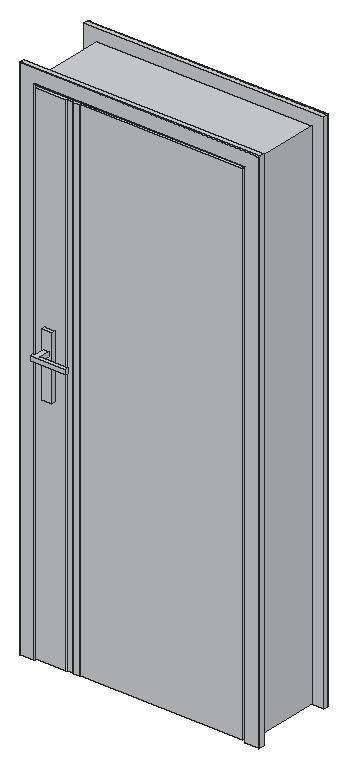
Revit family "PortaVECTORbp_B", category Drzwi, Revit 2016
Family settings
  Obiekt nadrzędny = Ściana
  Zawsze pionowo = Tak
  Tnij formami wycięć po wczytaniu = Nie
  Współdzielony = Nie
  Punkt obliczania pomieszczeń = Nie
Parameters (values of type "PN 80")
  Zakres szerokości muru [instance] = if(and(Szerokość ściany > 94 mm, Szerokość ściany < 120 mm), "B", (if(and(Szerokość ściany > 119 mm, Szerokość ściany < 140 mm), "C", (if(and(Szerokość ściany > 139 mm, Szerokość ściany < 160 mm), "D", (if(and(Szerokość ściany > 159 mm, Szerokość ściany < 180 mm), "E", (if(and(Szerokość ściany > 179 mm, Szerokość ściany < 200 mm), "F", (if(and(Szerokość ściany > 199 mm, Szerokość ściany < 220 mm), "G", (if(and(Szerokość ściany > 219 mm, Szerokość ściany < 240 mm), "H", (if(and(Szerokość ściany > 239 mm, Szerokość ściany < 260 mm), "I", (if(and(Szerokość ściany > 259 mm, Szerokość ściany < 280 mm), "J", (if(and(Szerokość ściany > 279 mm, Szerokość ściany < 301 mm), "K", "BRAK")))))))))))))))))))  # "K"
  Wysokość brutto = 2060 mm
  Szerokość ściany [instance] = 300 mm
  Szerokość brutto = 880 mm
  Model = "Porta Vector B"
  Konstrukcja analityczna = "<Brak>"
  Funkcja = Wewnętrzna
  URL = "www.porta.com.pl"
  Ss = 818 mm
  Sb = 846 mm
  Producent = "PORTA KMI POLAND"
  Keynote = ""
  Opis = "Własność Porta KMI Poland, wszelkie prawa zastrzeżone."  # constant formula
  Wysokość = 2016 mm
  Zakończenie ściany = Wg obiektu nadrzędnego
  Szerokość = 800 mm
  Materiał_skrzydło [instance] = none
  Materiał_ościeżnica [instance] = none
  Materiał_klamka [instance] = none
  Hs = 2017 mm
Types (5, lengths in mm): name | Szerokość brutto | Ss | Sb | Szerokość
  PN 70 | 780 | 718 | 746 | 700
  PN 60 | 680 | 618 | 646 | 600
  PN 80 | 880 | 818 | 846 | 800
  PN 90 | 980 | 918 | 946 | 900
  PN 100 | 1080 | 1018 | 1046 | 1000
Reference planes
  plane 1: y = 0
  plane 2 "Środek (Lewa/Prawa)": x = 0
  plane 3 "Lewy": x = -440
  plane 4 "Prawy": x = 440
  plane 5: z = 2060
  plane 6 "Zewnętrzna": y = 150
  plane 7 "Wewnętrzna": y = -150
  plane 8 "skrzydło": y = -129
Forms (mm)
  Sweep 1, solid, material <- "Materiał_ościeżnica"
    path in 3D
      loop
        line (-440, -150, 0) -> (-440, -150, 2060) -> (440, -150, 2060) -> (440, -150, 0)
    profile origin (-440, -150, 1030) x (0, -1, 0) y (1, 0, 0)
      loop
        line (-24, 39) -> (-72, 39) -> (-72, 17) -> (0, 17) -> (0, -33) -> (16, -33)
        arc (16, -33) -> (18.121, -32.121) -> (19, -30) r 3
        line (19, -30) -> (19, 24)
        arc (19, 24) -> (18.121, 26.121) -> (16, 27) r 3
        line (16, 27) -> (-24, 27) -> (-24, 39)
  Sweep 2, solid, material <- "Materiał_ościeżnica"
    path in 3D
      loop
        line (440, 150, 0) -> (440, 150, 2060) -> (-440, 150, 2060) -> (-440, 150, 0)
    profile origin (-440, 150, 1030) x (1, 0, 0) y (0, 1, 0)
      loop
        line (-33, 0) -> (17, 0) -> (17, -228) -> (39, -228) -> (39, -1)
        arc (39, -1) -> (37.536, 2.536) -> (34, 4) r 5
        line (34, 4) -> (25, 4) -> (25, 16)
        arc (25, 16) -> (24.121, 18.121) -> (22, 19) r 3
        line (22, 19) -> (-30, 19)
        arc (-30, 19) -> (-32.121, 18.121) -> (-33, 16) r 3
        line (-33, 16) -> (-33, 0)
  Sweep 3, solid, not visible
    path in 3D
      loop
        line (-440, -150, 0) -> (-440, -150, 2060)
    profile origin (-440, -150, 1030) x (0, -1, 0) y (1, 0, 0)
      loop
        line (-151, 17) -> (-149, 17) -> (-149, 19) -> (-151, 19) -> (-151, 17)
Cuts and joins
  joined: Sweep 1, Sweep 2
Lines and regions (mm)
  Opening 1
    outline origin (-3050, -150, 0) x (1, 0, 0) y (0, 0, 1)
      loop
        line (2610, 0) -> (3490, 0) -> (3490, 2060) -> (2610, 2060) -> (2610, 0)
  sketch lines
    curve 1: line (-440, -150, 0) -> (-440, -150, 2060)
    curve 2: line (-440, -150, 2060) -> (440, -150, 2060)
    curve 3: line (440, -150, 2060) -> (440, -150, 0)
    curve 4: line (-440, 150, 2060) -> (-440, 150, 0)
    curve 5: line (440, 150, 2060) -> (-440, 150, 2060)
    curve 6: line (440, 150, 0) -> (440, 150, 2060)
    curve 12: line (-440, -150, 0) -> (-440, -150, 2060)
  symbolic lines, style "DoorsPanelProjection"
    curve 7: line (409, -150, 0) -> (409, -968, 0)
    curve 8: line (409, -968, 0) -> (369, -968, 0)
    curve 9: line (369, -968, 0) -> (369, -150, 0)
    curve 10: line (369, -150, 0) -> (409, -150, 0)
  symbolic lines, style "Ugięcie rzutu"
    curve 11: arc (-409, -150, 0) -> (-169.413, -728.413, 0) -> (409, -968, 0) r 818
Text (mm)
  text "Zewnętrzna" at (-2295.016, 1099.543, 0), in view "Poziom odniesienia"
  text "Zewnętrzna" at (0, 1615.38, 3698.081), in view "Lewy"
  text "Zewnętrzna" at (0, 1036.032, 3874.932), in view "Prawy"
Dimensions and locks
  equal spacing: plane 3 "Lewy", plane 2 "Środek (Lewa/Prawa)", plane 4 "Prawy"
  "Szerokość brutto": plane 3 "Lewy" to plane 4 "Prawy"
  "Wysokość brutto": plane 5 to host wall
  host wall to plane 5 = 2060 mm  (x2)
  locked: plane 6 "Zewnętrzna" to host wall at 0
  locked: plane 7 "Wewnętrzna" to host wall
  "Sb": Sweep 1 to Sweep 1
  locked: Sweep 1 sketch curve to Sweep 1 sketch curve at 22
  Sweep 1 sketch curve to Sweep 1 sketch curve = 50 mm
  locked: Sweep 1 sketch curve to profile plane at 72
  locked: Sweep 2 sketch curve to Sweep 2 sketch curve at 50
  locked: Sweep 2 sketch curve to Sweep 2 sketch curve at 22
  locked: Sweep 2 sketch curve to plane 6 "Zewnętrzna" at 1
  locked: curve 9 to curve 7 at 40
  "Ss": curve 8 to curve 10
  equal spacing: curve 11, plane 2 "Środek (Lewa/Prawa)", curve 7
  locked: plane 7 "Wewnętrzna" to plane 8 "skrzydło" at 21
  locked: host wall to Sweep 3 sketch curve at 1
  locked: Sweep 3 sketch curve to host wall at 1
  locked: Sweep 3 sketch curve to plane 6 "Zewnętrzna" at 151
  locked: plane 7 "Wewnętrzna" to Sweep 3 sketch curve at 151
  equal spacing: nested 1, plane 2 "Środek (Lewa/Prawa)", nested 1
  locked: nested 1 to level at 8
  "Szerokość ściany": host wall to host wall
  aligned and locked: plane 3 "Lewy" to Opening 1 sketch curve
  aligned and locked: plane 5 to Opening 1 sketch curve  (x2)
  aligned and locked: Opening 1 sketch curve to plane 4 "Prawy"
  aligned and locked: Opening 1 sketch curve to level
  aligned and locked: plane 1 to host wall
  aligned and locked: Sweep 1 to Sweep 2 sketch curve
  aligned and locked: plane 7 "Wewnętrzna" to curve 10
  aligned and locked: Sweep 3 sketch curve to cut or joined group of Sweep 1, Sweep 2
  aligned and locked: Sweep 2 sketch curve to cut or joined group of Sweep 1, Sweep 2
  aligned and locked: nested 1 to plane 8 "skrzydło"
Automatic sketch dimensions
  profile plane to Sweep 1 sketch curve = 24 mm
  Sweep 1 sketch curve to profile plane = 16 mm  (x2)
  Sweep 1 sketch curve to Sweep 1 sketch curve = 3 mm
  profile plane to Sweep 1 sketch curve = 17 mm
  Sweep 1 sketch curve to Sweep 1 sketch curve = 7 mm
  Sweep 1 sketch curve to profile plane = 0 mm
  Sweep 2 sketch curve to profile plane = 0 mm
  Sweep 2 sketch curve to profile plane = 16 mm
  Sweep 2 sketch curve to Sweep 2 sketch curve = 3 mm
  Sweep 2 sketch curve to Sweep 2 sketch curve = 5 mm
  Sweep 2 sketch curve to profile plane = 4 mm
  Sweep 2 sketch curve to Sweep 2 sketch curve = 8 mm
  curve 11 to host wall = 0 mm
  Sweep 3 sketch curve to Sweep 3 sketch curve = 2 mm
Nested families
  nested 1: "skrzydło" at (0, -135.5, 0), Materiał_klamka <- "Materiał_klamka", Materiał_skrzydło <- "Materiał_skrzydło", type "skrzydło"
    with Materiał_skrzydło none, Materiał_klamka none
Definition of nested family "skrzydło"
  Parameters
    Ss = 818 mm
    Materiał_skrzydło [instance] = none
    Materiał_klamka [instance] = none
    Hs = 2017 mm
  Reference planes
    plane 1 "Tył": y = 6.5
    plane 2: z = 0
    plane 3 "Środek (Lewa/Prawa)": x = 0
    plane 4 "Lewa": x = -409
    plane 5 "Prawa": x = 409
    plane 6 "Przód": y = -33.5
    plane 7: z = 2025
    plane 8 "Centrum": y = -13.5
    plane 9: z = 8
  Forms (mm)
    Extrusion 1, solid, material <- "Materiał_skrzydło"
      sketch origin (-1191.728, -1524, 8) x (-1, 0, 0) y (0, -1, 0)
        loop
          line (-902.728, -1490.5) -> (-903.728, -1491.5) -> (-906.228, -1491.5) -> (-907.228, -1490.5) -> (-928.728, -1490.5) -> (-929.728, -1491.5) -> (-932.228, -1491.5) -> (-933.228, -1490.5) -> (-954.728, -1490.5) -> (-955.728, -1491.5) -> (-958.228, -1491.5) -> (-959.228, -1490.5) -> (-1600.728, -1490.5) -> (-1600.728, -1530.5) -> (-959.228, -1530.5) -> (-958.228, -1529.5) -> (-955.728, -1529.5) -> (-954.728, -1530.5) -> (-933.228, -1530.5) -> (-932.228, -1529.5) -> (-929.728, -1529.5) -> (-928.728, -1530.5) -> (-907.228, -1530.5) -> (-906.228, -1529.5) -> (-903.728, -1529.5) -> (-902.728, -1530.5) -> (-782.728, -1530.5) -> (-782.728, -1490.5) -> (-902.728, -1490.5)
      from 0 to 2017
  Dimensions and locks
    equal spacing: plane 4 "Lewa", plane 3 "Środek (Lewa/Prawa)", plane 5 "Prawa"
    "Ss": plane 4 "Lewa" to plane 5 "Prawa"
    locked: plane 9 to level at 8
    "Hs": plane 7 to plane 9
    locked: nested 1 to plane 9 at 934
    locked: plane 9 to nested 2 at 934
    equal spacing: plane 6 "Przód", plane 8 "Centrum", plane 1 "Tył"
    locked: plane 4 "Lewa" to Extrusion 1 sketch curve at 120  (x2)
    locked: plane 4 "Lewa" to Extrusion 1 sketch curve at 124.5  (x2)
    locked: plane 4 "Lewa" to nested 1 at 55
    locked: plane 4 "Lewa" to nested 2 at 55
    aligned and locked: nested 1 to plane 6 "Przód"
    aligned and locked: plane 4 "Lewa" to Extrusion 1 sketch curve
    aligned and locked: plane 7 to Extrusion 1
    aligned and locked: nested 2 to nested 1
    aligned and locked: Extrusion 1 sketch curve to plane 5 "Prawa"
    aligned and locked: Extrusion 1 sketch curve to plane 6 "Przód"  (x3)
    aligned and locked: nested 2 to Extrusion 1 sketch curve
    aligned and locked: Extrusion 1 sketch curve to plane 1 "Tył"  (x2)
  Automatic sketch dimensions
    plane 1 "Tył" to Extrusion 1 sketch curve = 0 mm
    Extrusion 1 sketch curve to plane 6 "Przód" = 0 mm
    Extrusion 1 sketch curve to Extrusion 1 sketch curve = 52 mm
    Extrusion 1 sketch curve to Extrusion 1 sketch curve = 0 mm
    Extrusion 1 sketch curve to Extrusion 1 sketch curve = 1 mm  (x12)
    plane 1 "Tył" to Extrusion 1 sketch curve = 1 mm  (x3)
    Extrusion 1 sketch curve to Extrusion 1 sketch curve = 2.5 mm  (x4)
    plane 6 "Przód" to Extrusion 1 sketch curve = 1 mm  (x3)
    Extrusion 1 sketch curve to Extrusion 1 sketch curve = 21.5 mm  (x2)
  Nested families
    nested 1: "KLAMKA" at (-354, -33.5, 1067), Materiał klamki <- "Materiał_klamka", type "KLAMKA"
      with Materiał klamki none
    nested 2: "KLAMKA" at (-354, 6.5, 1067), Materiał klamki <- "Materiał_klamka", type "KLAMKA"
      with Materiał klamki none
  Definition of nested family "KLAMKA"
    Parameters
      Materiał klamki [instance] = none
      Assembly Code = ""
      Default Elevation = 1219.2 mm
    Reference planes
      plane 1 "Center (Front/Back)": y = 0
      plane 2: z = 0
      plane 3 "Center (Left/Right)": x = 0
      plane 4: z = 125
      plane 5: z = -125
      plane 6: x = 20
      plane 7: x = -20
      plane 8: y = -70
      plane 9: y = -60
      plane 10: x = 10
      plane 11: x = -10
      plane 12: x = 120
      plane 13: z = 35
      plane 14: z = 55
      plane 15: y = -15
    Forms (mm)
      Extrusion 1, solid, material <- "Materiał klamki"
        sketch origin (0, 0, 0) x (1, 0, 0) y (0, 0, 1)
          loop
            line (-20, 125) -> (-20, -125) -> (20, -125) -> (20, 125) -> (-20, 125)
        from 0 to 15
      Extrusion 2, solid, material <- "Materiał klamki"
        sketch origin (0, 0, 0) x (1, 0, 0) y (0, 1, 0)
          loop
            line (-10, -15) -> (-10, -60) -> (-20, -60) -> (-20, -70) -> (120, -70) -> (120, -60) -> (10, -60) -> (10, -15) -> (-10, -15)
        from 35 to 55
    Dimensions and locks
      equal spacing: plane 4, plane 2, plane 5
      plane 4 to plane 5 = 250 mm
      equal spacing: plane 7, plane 3 "Center (Left/Right)", plane 6
      plane 7 to plane 6 = 40 mm
      plane 8 to plane 1 "Center (Front/Back)" = 70 mm
      plane 11 to plane 3 "Center (Left/Right)" to plane 10 = 10 mm locked, 10 mm locked
      plane 7 to plane 12 = 140 mm
      plane 15 to plane 1 "Center (Front/Back)" = 15 mm
      aligned and locked: plane 7 to Extrusion 1 sketch curve
      aligned and locked: Extrusion 1 sketch curve to plane 4
      aligned and locked: plane 5 to Extrusion 1 sketch curve
      aligned and locked: Extrusion 1 sketch curve to plane 6
      aligned and locked: plane 15 to Extrusion 1
      aligned and locked: Extrusion 1 to plane 1 "Center (Front/Back)"
      aligned and locked: plane 14 to Extrusion 2
      aligned and locked: Extrusion 2 to plane 13
    Automatic sketch dimensions
      Extrusion 2 sketch curve to plane 7 = 0 mm
      Extrusion 2 sketch curve to plane 9 = 0 mm  (x2)
      Extrusion 2 sketch curve to plane 11 = 0 mm
      Extrusion 2 sketch curve to plane 10 = 0 mm
      Extrusion 2 sketch curve to plane 12 = 0 mm
      Extrusion 2 sketch curve to plane 8 = 0 mm
      Extrusion 2 sketch curve to plane 15 = 0 mm
